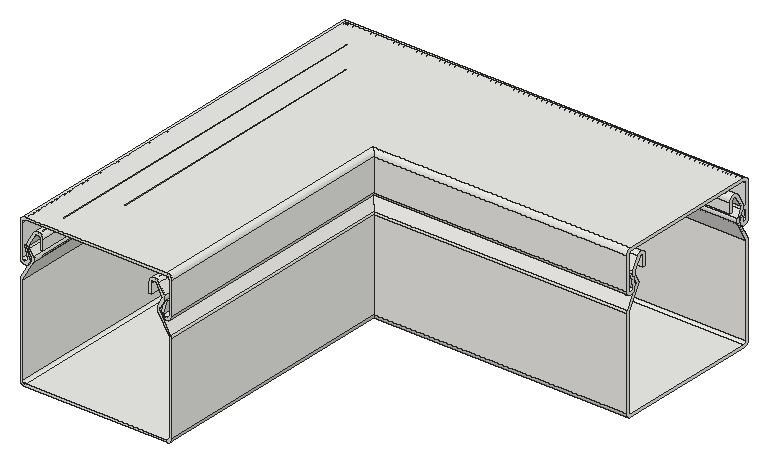
Revit family "Flat bend FWK-Plus", category Cable Tray Fittings, Revit 2017
Family settings
  Round Connector Dimension = Use Diameter
  Part Type = Channel Elbow
  Work Plane-Based = Yes
  Always vertical = No
  Cut with Voids When Loaded = No
  Shared = No
Parameters (values of type "RAL-9016")
  Galvanized Steel = no
  a' [instance] = if(Size Options = Option 1, 130 mm, if(Size Options = Option 2, 150 mm, if(Size Options = Option 3, 175 mm, if(Size Options = Option 4, 175 mm, 225 mm))))  # 130 mm
  Weight per meter [instance] = if(Size Options = Option 1, 0.995 kg, if(Size Options = Option 2, 1.473 kg, if(Size Options = Option 3, 2.13 kg, if(Size Options = Option 4, 2.512 kg, 4.185 kg))))  # 0.995 kg
  Weight [instance] = 0.00 kg
  Size Options [instance] = Cable Tray Size : 60x60
  RAL-9016 = yes
  Width [instance] = if(Size Options = Option 1, 60 mm, if(Size Options = Option 2, 100 mm, if(Size Options = Option 3, 150 mm, if(Size Options = Option 4, 150 mm, 250 mm))))  # 60 mm
  Thickness_x [instance] = 1 mm  # constant formula
  Height [instance] = if(Size Options = Option 1, 60 mm, if(Size Options = Option 2, 60 mm, if(Size Options = Option 3, 60 mm, 100 mm)))  # 60 mm
  Product data url [instance] = if(and([RAL-9016], Size Options = Option 1), "https://www.hager.de/?artnr=FWKP6006059016&design=44", if(and(Galvanized Steel, Size Options = Option 1), "https://www.hager.de/?artnr=FWKP600605VERZ&design=44", if(and([RAL-9016], Size Options = Option 2), "https://www.hager.de/?artnr=FWKP6010059016&design=44", if(and(Galvanized Steel, Size Options = Option 2), "https://www.hager.de/?artnr=FWKP601005VERZ&design=44", if(and([RAL-9016], Size Options = Option 3), "https://www.hager.de/?artnr=FWKP6015059016&design=44", if(and(Galvanized Steel, Size Options = Option 3), "https://www.hager.de/?artnr=FWKP601505VERZ&design=44", if(and([RAL-9016], Size Options = Option 4), "https://www.hager.de/?artnr=FWKP10015059016&design=44", if(and(Galvanized Steel, Size Options = Option 4), "https://www.hager.de/?artnr=FWKP1001505VERZ&design=44", if(and([RAL-9016], Size Options = Option 5), "https://www.hager.de/?artnr=FWKP10025059016&design=44", if(and(Galvanized Steel, Size Options = Option 5), "https://www.hager.de/?artnr=FWKP100250WVERZ&design=44", "Product not available"))))))))))  # "https://www.hager.de/?artnr=FWKP6006059016&design=44"
  Product Material = RAL-9016
  a [instance] = Width / 2 + a'  # 160 mm
  Product Description [instance] = if(and([RAL-9016], Size Options = Option 1), "Flat bend FWK-Plus 60x60 white", if(and(Galvanized Steel, Size Options = Option 1), "Flat bend FWK-Plus 60x60 verz", if(and([RAL-9016], Size Options = Option 2), "Flat bend FWK-Plus 60x100 white", if(and(Galvanized Steel, Size Options = Option 2), "Flat bend FWK-Plus 60x100 verz", if(and([RAL-9016], Size Options = Option 3), "Flat bend FWK-Plus 60x150 white", if(and(Galvanized Steel, Size Options = Option 3), "Flat bend FWK-Plus 60x150 verz", if(and([RAL-9016], Size Options = Option 4), "Flat bend FWK-Plus 100x150 white", if(and(Galvanized Steel, Size Options = Option 4), "Flat bend FWK-Plus 100x150 verz", if(and([RAL-9016], Size Options = Option 5), "Flat bend FWK-Plus 100x250 white", if(and(Galvanized Steel, Size Options = Option 5), "Flat bend FWK-Plus 100x250 verz", "Product not available"))))))))))  # "Flat bend FWK-Plus 60x60 white"
  Path [instance] = if(and([RAL-9016], Size Options = Option 1), "ETIM V7[1474950] / EG000056 - Fire protection systems[1475002] / EC002660 - Flat bend for Fire-resistant duct[1478609] / [1754928]\r\n", if(and(Galvanized Steel, Size Options = Option 1), "ETIM V7[1474950] / EG000056 - Fire protection systems[1475002] / EC002660 - Flat bend for Fire-resistant duct[1478609] / [1754927]\r\n", if(and([RAL-9016], Size Options = Option 2), "ETIM V7[1474950] / EG000056 - Fire protection systems[1475002] / EC002660 - Flat bend for Fire-resistant duct[1478609] / [1754930]\r\n", if(and(Galvanized Steel, Size Options = Option 2), "ETIM V7[1474950] / EG000056 - Fire protection systems[1475002] / EC002660 - Flat bend for Fire-resistant duct[1478609] / [1754933]\r\n", if(and([RAL-9016], Size Options = Option 3), "ETIM V7[1474950] / EG000056 - Fire protection systems[1475002] / EC002660 - Flat bend for Fire-resistant duct[1478609] / [1754935]\r\n", if(and(Galvanized Steel, Size Options = Option 3), "ETIM V7[1474950] / EG000056 - Fire protection systems[1475002] / EC002660 - Flat bend for Fire-resistant duct[1478609] / [1754936]\r\n", if(and([RAL-9016], Size Options = Option 4), "ETIM V7[1474950] / EG000056 - Fire protection systems[1475002] / EC002660 - Flat bend for Fire-resistant duct[1478609] / [1754934]\r\n", if(and(Galvanized Steel, Size Options = Option 4), "ETIM V7[1474950] / EG000056 - Fire protection systems[1475002] / EC002660 - Flat bend for Fire-resistant duct[1478609] / [1754931]\r\n", if(and([RAL-9016], Size Options = Option 5), "ETIM V7[1474950] / EG000056 - Fire protection systems[1475002] / EC002660 - Flat bend for Fire-resistant duct[1478609] / [1754932]\r\n", if(and(Galvanized Steel, Size Options = Option 5), "ETIM V7[1474950] / EG000056 - Fire protection systems[1475002] / EC002660 - Flat bend for Fire-resistant duct[1478609] / [1754929]\r\n", "Product not available"))))))))))  # "ETIM V7[1474950] / EG000056 - Fire protection systems[1475002] / EC002660 - Flat bend for Fire-resistant duct[1478609] / [1754928]\r\n"
  Part name [instance] = if(and([RAL-9016], Size Options = Option 1), "FWKP6006059016", if(and(Galvanized Steel, Size Options = Option 1), "FWKP600605Galvanized Steel", if(and([RAL-9016], Size Options = Option 2), "FWKP6010059016", if(and(Galvanized Steel, Size Options = Option 2), "FWKP601005Galvanized Steel", if(and([RAL-9016], Size Options = Option 3), "FWKP6015059016", if(and(Galvanized Steel, Size Options = Option 3), "FWKP601505Galvanized Steel", if(and([RAL-9016], Size Options = Option 4), "FWKP10015059016", if(and(Galvanized Steel, Size Options = Option 4), "FWKP1001505Galvanized Steel", if(and([RAL-9016], Size Options = Option 5), "FWKP10025059016", if(and(Galvanized Steel, Size Options = Option 5), "FWKP1002505Galvanized Steel", "Product not available"))))))))))  # "FWKP6006059016"
  Option 5 = Cable Tray Size : 100x250
  Option 4 = Cable Tray Size : 100x150
  Option 3 = Cable Tray Size : 60x150
  Option 2 = Cable Tray Size : 60x100
  Option 1 = Cable Tray Size : 60x60
  Maximum cable load [instance] = 25.00 kg  # constant formula
  Group name [instance] = if(and([RAL-9016], Size Options = Option 1), "EG000056", if(and(Galvanized Steel, Size Options = Option 1), "EG000056", if(and([RAL-9016], Size Options = Option 2), "EG000056", if(and(Galvanized Steel, Size Options = Option 2), "EG000056", if(and([RAL-9016], Size Options = Option 3), "EG000056", if(and(Galvanized Steel, Size Options = Option 3), "EG000056", if(and([RAL-9016], Size Options = Option 4), "EG000056", if(and(Galvanized Steel, Size Options = Option 4), "EG000056", if(and([RAL-9016], Size Options = Option 5), "EG000056", if(and(Galvanized Steel, Size Options = Option 5), "EG000056", "Product not available"))))))))))  # "EG000056"
  Group description [instance] = if(and([RAL-9016], Size Options = Option 1), "EG000056 - Fire protection systems", if(and(Galvanized Steel, Size Options = Option 1), "EG000056 - Fire protection systems", "EG000056 - Fire protection systems"))  # "EG000056 - Fire protection systems"
  Edition number = 1
  ETIM Cat [instance] = "ETIM_V7"
  Default Elevation = 1219.2 mm
  Class name [instance] = if(and([RAL-9016], Size Options = Option 1), "EC002660", if(and(Galvanized Steel, Size Options = Option 1), "EC002660", if(and([RAL-9016], Size Options = Option 2), "EC002660", if(and(Galvanized Steel, Size Options = Option 2), "EC002660", if(and([RAL-9016], Size Options = Option 3), "EC002660", if(and(Galvanized Steel, Size Options = Option 3), "EC002660", if(and([RAL-9016], Size Options = Option 4), "EC002660", if(and(Galvanized Steel, Size Options = Option 4), "EC002660", if(and([RAL-9016], Size Options = Option 5), "EC002660", if(and(Galvanized Steel, Size Options = Option 5), "EC002660", "Product not available"))))))))))  # "EC002660"
  Class description [instance] = if(and([RAL-9016], Size Options = Option 1), "EC002660 - Flat bend for Fire-resistant duct", if(and(Galvanized Steel, Size Options = Option 1), "EC002660 - Flat bend for Fire-resistant duct", "EC002660 - Flat bend for Fire-resistant duct"))  # "EC002660 - Flat bend for Fire-resistant duct"
Types (2, lengths in mm): name | Galvanized Steel | RAL-9016 | Product data url | Product Material | Product Description | Path | Part name
  RAL-9016 | no | yes | "https://www.hager.de/?artnr=FWKP6006059016&design=44" | RAL-9016 | "Flat bend FWK-Plus 60x60 white" | "ETIM V7[1474950] / EG000056 - Fire protection systems[1475002] / EC002660 - Flat bend for Fire-resistant duct[1478609] / [1754928]\r\n" | "FWKP6006059016"
  Galvanized Steel | yes | no | "https://www.hager.de/?artnr=FWKP600605VERZ&design=44" | Galvanized Steel | "Flat bend FWK-Plus 60x60 verz" | "ETIM V7[1474950] / EG000056 - Fire protection systems[1475002] / EC002660 - Flat bend for Fire-resistant duct[1478609] / [1754927]\r\n" | "FWKP600605Galvanized Steel"
Reference planes
  plane 1 "Center (Front/Back)": y = 0
  plane 2: z = 0
  plane 3 "Center (Left/Right)": x = 0
Forms (mm)
  Sweep 1, solid, material "RAL-9016" <- "Product Material", detail levels medium
    path origin (0, 0, 0) x (1, 0, 0) y (0, 1, 0)
      loop
        line (0, -130) -> (0, 0) -> (130, 0)
    profile "U Profile Medium : U Profile Medium" origin (0, -65, 0) x (-1, 0, 0) y (0, 0, 1)
      loop
        line (-30, 60) -> (-30, 0) -> (30, 0) -> (30, 60) -> (-30, 60)
  Sweep 2, solid, material "RAL-9016" <- "Product Material", detail levels fine
    path origin (0, 0, 0) x (1, 0, 0) y (0, 1, 0)
      loop
        line (0, -130) -> (0, 0) -> (130, 0)
    profile "D Profile : D Profile" origin (0, -65, 0) x (-1, 0, 0) y (0, 0, 1)
      loop
        line (-30, 58) -> (-30, 45.3)
        arc (-30, 45.3) -> (-27.736, 43.318) -> (-26.07, 45.824) r 2
        line (-26.07, 45.824) -> (-27.285, 50.3) -> (-28.25, 50.038) -> (-26.964, 45.3)
        arc (-26.964, 45.3) -> (-27.982, 44.282) -> (-29, 45.3) r 1.018
        line (-29, 45.3) -> (-29, 58)
        arc (-29, 58) -> (-28.707, 58.707) -> (-28, 59) r 1
        line (-28, 59) -> (28, 59)
        arc (28, 59) -> (28.707, 58.707) -> (29, 58) r 1
        line (29, 58) -> (29, 45.562)
        arc (29, 45.562) -> (28.017, 44.579) -> (27.035, 45.562) r 0.983
        line (27.035, 45.562) -> (28.25, 50.038) -> (27.285, 50.3) -> (26.07, 45.824)
        arc (26.07, 45.824) -> (27.736, 43.318) -> (30, 45.3) r 2
        line (30, 45.3) -> (30, 58)
        arc (30, 58) -> (29.414, 59.414) -> (28, 60) r 2
        line (28, 60) -> (-28, 60)
        arc (-28, 60) -> (-29.414, 59.414) -> (-30, 58) r 2
  Sweep 3, solid, material "RAL-9016" <- "Product Material", detail levels fine
    path origin (0, 0, 0) x (1, 0, 0) y (0, 1, 0)
      loop
        line (0, -130) -> (0, 0) -> (130, 0)
    profile "U Profile : U Profile" origin (0, -65, 0) x (-1, 0, 0) y (0, 0, 1)
      loop
        line (-28, 0) -> (28, 0)
        arc (28, 0) -> (29.414, 0.586) -> (30, 2) r 2
        line (30, 2) -> (30, 37.271)
        arc (30, 37.271) -> (29.932, 37.789) -> (29.732, 38.271) r 2
        line (29.732, 38.271) -> (25.434, 45.716)
        arc (25.434, 45.716) -> (25.3, 46.216) -> (25.434, 46.716) r 1
        line (25.434, 46.716) -> (27.041, 49.5)
        arc (27.041, 49.5) -> (27.309, 50.5) -> (27.041, 51.5) r 2
        line (27.041, 51.5) -> (24.732, 55.5)
        arc (24.732, 55.5) -> (22.482, 56.432) -> (21, 54.5) r 2
        line (21, 54.5) -> (21, 50.5) -> (22, 50.5) -> (22, 54.5)
        arc (22, 54.5) -> (22.741, 55.466) -> (23.866, 55) r 1
        line (23.866, 55) -> (26.175, 51)
        arc (26.175, 51) -> (26.309, 50.5) -> (26.175, 50) r 1
        line (26.175, 50) -> (24.568, 47.216)
        arc (24.568, 47.216) -> (24.3, 46.216) -> (24.568, 45.216) r 2
        line (24.568, 45.216) -> (29, 37.539) -> (29, 2)
        arc (29, 2) -> (28.707, 1.293) -> (28, 1) r 1
        line (28, 1) -> (-28, 1)
        arc (-28, 1) -> (-28.707, 1.293) -> (-29, 2) r 1
        line (-29, 2) -> (-29, 37.539) -> (-24.568, 45.216)
        arc (-24.568, 45.216) -> (-24.3, 46.216) -> (-24.568, 47.216) r 2
        line (-24.568, 47.216) -> (-26.175, 50)
        arc (-26.175, 50) -> (-26.309, 50.5) -> (-26.175, 51) r 1
        line (-26.175, 51) -> (-23.866, 55)
        arc (-23.866, 55) -> (-22.741, 55.466) -> (-22, 54.5) r 1
        line (-22, 54.5) -> (-22, 50.5) -> (-21, 50.5) -> (-21, 54.5)
        arc (-21, 54.5) -> (-22.482, 56.432) -> (-24.732, 55.5) r 2
        line (-24.732, 55.5) -> (-27.041, 51.5)
        arc (-27.041, 51.5) -> (-27.309, 50.5) -> (-27.041, 49.5) r 2
        line (-27.041, 49.5) -> (-25.434, 46.716)
        arc (-25.434, 46.716) -> (-25.3, 46.216) -> (-25.434, 45.716) r 1
        line (-25.434, 45.716) -> (-29.732, 38.271)
        arc (-29.732, 38.271) -> (-29.932, 37.789) -> (-30, 37.271) r 2
        line (-30, 37.271) -> (-30, 2)
        arc (-30, 2) -> (-29.414, 0.586) -> (-28, 0) r 2
Lines and regions (mm)
  model lines, detail levels coarse
    curve 1: line (-30, -130, 0) -> (-30, 30, 0)
    curve 2: line (-30, 30, 0) -> (130, 30, 0)
Dimensions and locks
  "a'": Sweep 2 sketch curve to plane 1 "Center (Front/Back)"
  "a'": plane 3 "Center (Left/Right)" to Sweep 2 sketch curve
  "a'": Sweep 3 sketch curve to Sweep 3 sketch curve  (x2)
  "a'": Sweep 1 sketch curve to Sweep 1 sketch curve  (x2)
  aligned and locked: level to plane 2
Automatic sketch dimensions
  curve 1 to plane 1 "Center (Front/Back)" = 30 mm
  curve 1 to plane 3 "Center (Left/Right)" = 30 mm
  plane 1 "Center (Front/Back)" to Sweep 3 sketch curve = 0 mm
  Sweep 3 sketch curve to plane 3 "Center (Left/Right)" = 0 mm
  plane 1 "Center (Front/Back)" to Sweep 2 sketch curve = 0 mm
  Sweep 2 sketch curve to plane 3 "Center (Left/Right)" = 0 mm
  plane 1 "Center (Front/Back)" to Sweep 1 sketch curve = 0 mm
  Sweep 1 sketch curve to plane 3 "Center (Left/Right)" = 0 mm
  plane 1 "Center (Front/Back)" to curve 1 = 130 mm
  plane 3 "Center (Left/Right)" to curve 2 = 130 mm
Connectors
  cabletrayconduit at (0, -130, 30), diameter 600, driven by "Height", driven by "Width"
    settings: on Sweep 1, index 1, connector width 60 mm, connector height 60 mm, connector angle 0.00°, system type 32, placement type 0, profile type 1, connector reference index -1, is primary connector yes, connector utility param no, connector description ""
  cabletrayconduit at (130, 0, 30), diameter 600, driven by "Height", driven by "Width"
    settings: on Sweep 1, index 2, connector width 60 mm, connector height 60 mm, connector angle 0.00°, system type 32, placement type 0, profile type 1, connector reference index -1, is primary connector no, connector utility param no, connector description ""
